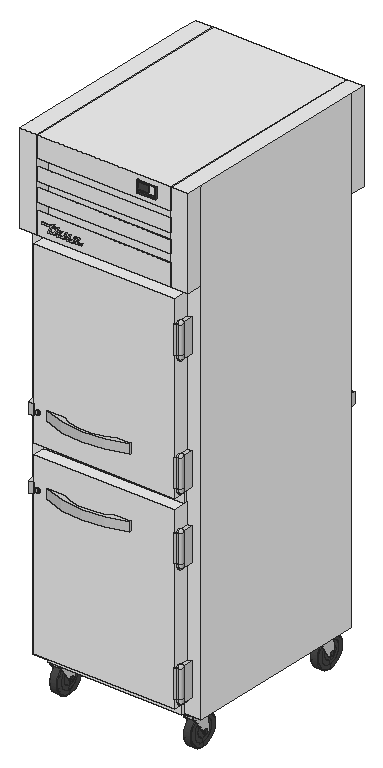
Revit family "QF_TRUE_STR1RPT-2HS-1S-HC", category Specialty Equipment, Revit 2012
Parameters
  Weight in Pounds = 0
  Watts = Volts * FL Amps  # 437 W
  Volts = 115 V
  URL Manufacturer = "www.truemfg.com"
  URL Cutsheet = "www.truemfg.com"
  URL = "www.truemfg.com"
  Type Comments = "www.truemfg.com"
  Status [instance] = ""
  Specification by User [instance] = ""
  Specification by Manufacturer = ""
  Show Seismic Flanged [instance] = no
  Show Logo [instance] = yes
  Show Legs [instance] = no
  Show Clearance [instance] = yes
  Serial Number = ""
  Seismic Rating = ""
  Seismic Plate [instance] = and(Show Seismic Flanged, not(Show Casters))  # no
  SMACNA No = ""
  Revision Code [instance] = ""
  Phase = 1
  Omniclass Number and Title = ""
  Number of Poles [instance] = 1
  NAFEM Spec ID Number = ""
  Model = "STR1RPT-2HS-1S-HC"
  Min Ckt Ampacity = 0 A
  Max Overcurrent Protection = 0 A
  Masterspec = ""
  Manufacturer = "TRUE FOOD SERVICE EQUIPMENT, INC."
  Length = 27 1/2"
  Legs [instance] = or(Show Legs, Show Seismic Flanged)  # no
  Item Number [instance] = ""
  Installed By [instance] = ""
  Identify Quantity as Lot [instance] = yes
  Height = 77 3/4"
  HP = "1/4"
  Furnished By [instance] = ""
  Foodservice Equipment Identifier [instance] = yes
  FL Amps = 3.8 A
  Electrical Remarks [instance] = ""
  Electric Connection Type [instance] = ""
  Elec Conn RI Height [instance] = 0"
  Elec Conn Connection Height [instance] = 0"
  Description = "PASS-THRU SOLID HALF FRONT/SOLID REAR SWING DOORS REFRIGERATOR WITH HYDROCARBON REFRIGERANT"
  Depth = 36 1/8"
  Cycle = 60 Hz
  Conn Plug = "5-15P"
  Conn Conduit = yes
  Show Casters [instance] = if(not(Show Legs), not(Show Seismic Flanged), not(Show Legs))  # yes
  CSI MasterFormat = ""
  CSI Master Format = ""
  Apparent Power = if(Phase = 3, Volts * FL Amps * 1.73, Volts * FL Amps)  # 437 VA
Reference planes (in)
  plane 1: z = 0
  plane 2 "LEFT": x = 0
  plane 3 "RIGHT": x = 27.5
  plane 4 "FRONT": y = -33.375
  plane 5 "TOP": z = 84.125
  plane 6: z = 6.125
  plane 7: y = -33.3292
  plane 8: y = 2.75
  plane 9: y = -56.40625
  plane 10: y = 25.78125
Forms (in)
  Extrusion 1, solid, material "QF_Finishes_Chrome - Satin"
    sketch origin (0.05, 0, 0) x (1, 0, 0) y (0, 1, 0)
      loop
        line (-0.05, 0) -> (-0.05, -30.625) -> (2.80938, -30.625) -> (2.80938, 0) -> (-0.05, 0)
    from 6.125 to 84.125
  Extrusion 2, solid, material "QF_Finishes_Chrome - Satin"
    sketch origin (50.15, 0, 0) x (1, 0, 0) y (0, 1, 0)
      loop
        line (-25.50937, 0) -> (-25.50937, -30.625) -> (-22.65, -30.625) -> (-22.65, 0) -> (-25.50937, 0)
    from 6.125 to 84.125
  Extrusion 3, solid, material "QF_Finishes_Chrome - Satin"
    sketch origin (0, 0, 0) x (0, 1, 0) y (0, 0, 1)
      loop
        line (-33.1875, 69.5) -> (-30.625, 69.5) -> (-30.625, 64.75) -> (0, 64.75) -> (0, 69.5) -> (2.5625, 69.5) -> (2.5625, 73.02638) -> (0.59159, 71.625) -> (0.59159, 72.90057) -> (2.5625, 74.30195) -> (2.5625, 76.39816) -> (0.59159, 74.99678) -> (0.59159, 75.95754) -> (2.5625, 77.35892) -> (2.5625, 79.49263) -> (0.59159, 78.09125) -> (0.59159, 79.21352) -> (2.5625, 80.6149) -> (2.5625, 84.125) -> (-33.1875, 84.125) -> (-33.1875, 80.68002) -> (-31.125, 79.21352) -> (-31.125, 78.09125) -> (-33.1875, 79.55776) -> (-33.1875, 77.42405) -> (-31.125, 75.95754) -> (-31.125, 74.99678) -> (-33.1875, 76.46328) -> (-33.1875, 74.36708) -> (-31.125, 72.90057) -> (-31.125, 71.625) -> (-33.1875, 73.09151) -> (-33.1875, 69.5)
      loop
        line (-31, 6.125) -> (0, 6.125) -> (0, 8.94743) -> (-31, 8.94743) -> (-31, 6.125)
    from 2.85938 to 24.64063
  Extrusion 4, solid, material "QF_Finishes_Chrome - Satin"
    sketch origin (0.10531, 0, 0) x (1, 0, 0) y (0, 1, 0)
      loop
        line (27.34782, -30.625) -> (24.53532, -30.625) -> (24.53532, -33.1875) -> (27.34782, -33.1875) -> (27.34782, -30.625)
    from 69.5 to 84.125
  Extrusion 5, solid, material "QF_Finishes_Chrome - Satin"
    sketch origin (-50.19421, 0, 0.25) x (1, 0, 0) y (0, 1, 0)
      loop
        line (53.05359, -30.625) -> (50.24109, -30.625) -> (50.24109, -33.1875) -> (53.05359, -33.1875) -> (53.05359, -30.625)
    from 69.25 to 83.875
  Extrusion 6, solid, material "QF_Finishes_Handrails and Railings", visible <- "Show Logo"
    sketch origin (0.33478, 1.45673, -6.73143) x (1, 0, 0) y (0, 0, 1)
      loop
        line (3.46044, 78.46231) -> (3.35478, 78.23573) -> (4.76027, 78.23573)
        arc (4.76027, 78.23573) -> (4.78879, 78.18528) -> (4.76027, 78.13484) r 0.05887
        line (4.76027, 78.13484) -> (4.39369, 77.34872)
        arc (4.39369, 77.34872) -> (4.39051, 77.27591) -> (4.43975, 77.22217) r 0.09523
        line (4.43975, 77.22217) -> (5.33844, 77.22217)
        arc (5.33844, 77.22217) -> (5.45192, 77.25795) -> (5.52436, 77.35235) r 0.19785
        line (5.52436, 77.35235) -> (5.81285, 77.97101) -> (6.0779, 77.97101)
        arc (6.0779, 77.97101) -> (6.14744, 77.94543) -> (6.13737, 77.87203) r 0.05911
        line (6.13737, 77.87203) -> (5.89598, 77.35437)
        arc (5.89598, 77.35437) -> (5.89974, 77.2684) -> (5.97231, 77.22217) r 0.09318
        line (5.97231, 77.22217) -> (6.76198, 77.22217)
        arc (6.76198, 77.22217) -> (6.82249, 77.24419) -> (6.85468, 77.29995) r 0.09412
        arc (6.85468, 77.29995) -> (6.87746, 77.24495) -> (6.93246, 77.22217) r 0.07778
        line (6.93246, 77.22217) -> (7.43246, 77.22217)
        arc (7.43246, 77.22217) -> (7.49022, 77.23765) -> (7.53251, 77.27993) r 0.11552
        arc (7.53251, 77.27993) -> (7.55275, 77.23106) -> (7.60162, 77.21081) r 0.06912
        line (7.60162, 77.21081) -> (8.31225, 77.21081)
        arc (8.31225, 77.21081) -> (8.37034, 77.23488) -> (8.39441, 77.29297) r 0.08216
        arc (8.39441, 77.29297) -> (8.44767, 77.23972) -> (8.52042, 77.22022) r 0.14551
        line (8.52042, 77.22022) -> (9.85158, 77.22022) -> (9.99946, 77.47634) -> (8.65678, 77.47634)
        arc (8.65678, 77.47634) -> (8.61972, 77.50204) -> (8.61834, 77.54711) r 0.05009
        line (8.61834, 77.54711) -> (8.64157, 77.59692)
        arc (8.64157, 77.59692) -> (8.67723, 77.64364) -> (8.73327, 77.66135) r 0.09747
        line (8.73327, 77.66135) -> (9.16485, 77.66135)
        arc (9.16485, 77.66135) -> (9.258, 77.68631) -> (9.32619, 77.7545) r 0.1863
        line (9.32619, 77.7545) -> (9.45119, 77.97101)
        arc (9.45119, 77.97101) -> (9.45119, 78.08657) -> (9.35111, 78.14434) r 0.11556
        line (9.35111, 78.14434) -> (8.89562, 78.14434)
        arc (8.89562, 78.14434) -> (8.7795, 78.12462) -> (8.69849, 78.03912) r 0.18605
        line (8.69849, 78.03912) -> (8.48204, 77.57493)
        arc (8.48204, 77.57493) -> (8.41815, 77.49167) -> (8.31806, 77.46011) r 0.1745
        line (8.31806, 77.46011) -> (7.84559, 77.46011)
        arc (7.84559, 77.46011) -> (7.78903, 77.52184) -> (7.79268, 77.60548) r 0.10939
        line (7.79268, 77.60548) -> (8.04395, 78.14434) -> (7.88403, 78.14434) -> (7.61781, 77.57344)
        arc (7.61781, 77.57344) -> (7.56609, 77.50603) -> (7.48505, 77.48048) r 0.14128
        line (7.48505, 77.48048) -> (7.15925, 77.48048)
        arc (7.15925, 77.48048) -> (7.10419, 77.55223) -> (7.116, 77.64189) r 0.11816
        line (7.116, 77.64189) -> (7.3503, 78.14434) -> (7.18514, 78.14434) -> (6.91546, 77.566)
        arc (6.91546, 77.566) -> (6.85285, 77.50339) -> (6.76733, 77.48048) r 0.17104
        line (6.76733, 77.48048) -> (6.29555, 77.48048)
        arc (6.29555, 77.48048) -> (6.21082, 77.51999) -> (6.20267, 77.61313) r 0.0935
        line (6.20267, 77.61313) -> (6.35774, 77.94569) -> (6.57695, 77.94569)
        arc (6.57695, 77.94569) -> (6.61395, 78.05717) -> (6.69267, 78.14434) r 0.2857
        line (6.69267, 78.14434) -> (5.83605, 78.14434)
        arc (5.83605, 78.14434) -> (5.74086, 78.12324) -> (5.67498, 78.05135) r 0.16212
        line (5.67498, 78.05135) -> (5.44279, 77.55341)
        arc (5.44279, 77.55341) -> (5.3894, 77.50002) -> (5.31647, 77.48048) r 0.14586
        line (5.31647, 77.48048) -> (4.80506, 77.48048)
        arc (4.80506, 77.48048) -> (4.76514, 77.53442) -> (4.77274, 77.60109) r 0.09155
        line (4.77274, 77.60109) -> (5.11018, 78.23573) -> (5.96155, 78.23573) -> (6.06721, 78.46231) -> (5.21584, 78.46231) -> (5.32149, 78.68888) -> (5.01862, 78.68888) -> (4.91297, 78.46231) -> (3.46044, 78.46231)
      loop
        arc (8.83805, 77.93863) -> (8.80119, 77.92875) -> (8.7742, 77.90176) r 0.07373
        line (8.7742, 77.90176) -> (8.75229, 77.83436)
        arc (8.75229, 77.83436) -> (8.76245, 77.80983) -> (8.78699, 77.79966) r 0.0347
        line (8.78699, 77.79966) -> (9.15948, 77.79966)
        arc (9.15948, 77.79966) -> (9.18632, 77.80561) -> (9.20812, 77.82234) r 0.0635
        line (9.20812, 77.82234) -> (9.22624, 77.90622)
        arc (9.22624, 77.90622) -> (9.22091, 77.92868) -> (9.20009, 77.93863) r 0.02676
        line (9.20009, 77.93863) -> (8.83805, 77.93863)
    from 34.64423 to 34.83173
  Extrusion 7, solid
    sketch origin (-25.125, 2.6875, 0) x (1, 0, 0) y (0, 0, 1)
      loop
        circle (49.375, 82) r 0.25
    from 0.23221 to 0.125
  Revolve 8, solid, material "QF_Finishes_Black", visible <- "Show Casters"
    sketch origin (22.65625, -27.375, 0) x (1, 0, 0) y (0, 0, 1)
      loop
        line (1.475, 5) -> (1.375, 4.9) -> (1.375, 4.29941) -> (1.53601, 4.29941) -> (1.53601, 3.54941) -> (1.375, 3.54941) -> (1.375, 2.79941) -> (0.975, 2.79941) -> (0.975, 2.5) -> (3.025, 2.5) -> (3.025, 2.79941) -> (2.62908, 2.79941) -> (2.62908, 3.54941) -> (2.46399, 3.54941) -> (2.46399, 4.29941) -> (2.62908, 4.29941) -> (2.62908, 4.89592) -> (2.525, 5) -> (1.475, 5)
      axis (3.025, 2.5) -> (0.975, 2.5)
    angle from 0 to 360
  Extrusion 9, solid, material "QF_Finishes_Handrails and Railings", visible <- "Show Casters"
    sketch origin (22.65625, 0, 0) x (0, 1, 0) y (0, 0, 1)
      loop
        line (-29.57636, 5.48574) -> (-29.57636, 4.88089) -> (-29.32636, 4.88089) -> (-27.57716, 2.18736)
        arc (-27.57716, 2.18736) -> (-26.86383, 1.94868) -> (-26.47081, 2.59003) r 0.60416
        line (-26.47081, 2.59003) -> (-26.82636, 5.48574) -> (-29.57636, 5.48574)
      loop
        line (-4.07645, 5.48574) -> (-4.07645, 4.88089) -> (-3.82645, 4.88089) -> (-2.07725, 2.18736)
        arc (-2.07725, 2.18736) -> (-1.36392, 1.94868) -> (-0.9709, 2.59003) r 0.60416
        line (-0.9709, 2.59003) -> (-1.32645, 5.48574) -> (-4.07645, 5.48574)
    from 1.175 to 1.325
  Extrusion 10, solid, material "QF_Finishes_Handrails and Railings", visible <- "Show Casters"
    sketch origin (24.15625, 0, 0) x (0, 1, 0) y (0, 0, 1)
      loop
        line (-29.57636, 5.48574) -> (-29.57636, 4.88089) -> (-29.32636, 4.88089) -> (-27.57716, 2.18736)
        arc (-27.57716, 2.18736) -> (-26.86383, 1.94868) -> (-26.47081, 2.59003) r 0.60416
        line (-26.47081, 2.59003) -> (-26.82636, 5.48574) -> (-29.57636, 5.48574)
      loop
        line (-4.07645, 5.48574) -> (-4.07645, 4.88089) -> (-3.82645, 4.88089) -> (-2.07725, 2.18736)
        arc (-2.07725, 2.18736) -> (-1.36392, 1.94868) -> (-0.9709, 2.59003) r 0.60416
        line (-0.9709, 2.59003) -> (-1.32645, 5.48574) -> (-4.07645, 5.48574)
    from 1.175 to 1.325
  Revolve 11, solid, material "QF_Finishes_Chrome - Satin", visible <- "Show Casters"
    sketch origin (22.65625, -28.5625, -0.5) x (1, 0, 0) y (0, 0, 1)
      loop
        line (2, 5.99546) -> (2, 6.62359) -> (0.70293, 6.62359) -> (0.70293, 5.99546) -> (2, 5.99546)
      axis (2, 5.99546) -> (2, 6.62359)
    angle from 0 to 360
  Revolve 12, solid, material "QF_Finishes_Chrome - Satin", visible <- "Legs"
    sketch origin (22.65625, -2.69102, 0) x (1, 0, 0) y (0, 0, 1)
      loop
        line (2, 6.125) -> (0.66662, 6.125) -> (1.25, 1) -> (1.5, 1) -> (1.5, 0) -> (2, 0) -> (2, 6.125)
      axis (2, 0) -> (2, 6.125)
    angle from 0 to 360
  Revolve 13, solid, material "QF_Finishes_Chrome - Satin", visible <- "Legs"
    sketch origin (22.65625, -28.65977, 0) x (1, 0, 0) y (0, 0, 1)
      loop
        line (2, 6.125) -> (0.66662, 6.125) -> (1.25, 1) -> (1.5, 1) -> (1.5, 0) -> (2, 0) -> (2, 6.125)
      axis (2, 0) -> (2, 6.125)
    angle from 0 to 360
  Revolve 14, solid, material "QF_Finishes_Chrome - Satin", visible <- "Show Casters"
    sketch origin (22.65625, -2.70321, -0.5) x (1, 0, 0) y (0, 0, 1)
      loop
        line (2, 5.99546) -> (2, 6.62359) -> (0.70293, 6.62359) -> (0.70293, 5.99546) -> (2, 5.99546)
      axis (2, 5.99546) -> (2, 6.62359)
    angle from 0 to 360
  Extrusion 15, solid, material "QF_Finishes_Handrails and Railings", visible <- "Show Casters"
    sketch origin (-25.125, 0, 0) x (0, 1, 0) y (0, 0, 1)
      loop
        line (-29.57636, 5.48574) -> (-29.57636, 4.88089) -> (-29.32636, 4.88089) -> (-26.79033, 5.19227) -> (-26.82636, 5.48574) -> (-29.57636, 5.48574)
      loop
        line (-4.07645, 5.48574) -> (-4.07645, 4.88089) -> (-3.82645, 4.88089) -> (-1.29042, 5.19227) -> (-1.32645, 5.48574) -> (-4.07645, 5.48574)
    from 49.10625 to 50.45625
  Revolve 16, solid, material "QF_Finishes_Black", visible <- "Show Casters"
    sketch origin (0.84375, -27.375, 0) x (1, 0, 0) y (0, 0, 1)
      loop
        line (1.475, 5) -> (1.375, 4.9) -> (1.375, 4.29941) -> (1.53601, 4.29941) -> (1.53601, 3.54941) -> (1.375, 3.54941) -> (1.375, 2.79941) -> (0.975, 2.79941) -> (0.975, 2.5) -> (3.025, 2.5) -> (3.025, 2.79941) -> (2.62908, 2.79941) -> (2.62908, 3.54941) -> (2.46399, 3.54941) -> (2.46399, 4.29941) -> (2.62908, 4.29941) -> (2.62908, 4.89592) -> (2.525, 5) -> (1.475, 5)
      axis (3.025, 2.5) -> (0.975, 2.5)
    angle from 0 to 360
  Extrusion 17, solid, material "QF_Finishes_Handrails and Railings", visible <- "Show Casters"
    sketch origin (0.84375, 0, 0) x (0, 1, 0) y (0, 0, 1)
      loop
        line (-29.57636, 5.48574) -> (-29.57636, 4.88089) -> (-29.32636, 4.88089) -> (-27.57716, 2.18736)
        arc (-27.57716, 2.18736) -> (-26.86383, 1.94868) -> (-26.47081, 2.59003) r 0.60416
        line (-26.47081, 2.59003) -> (-26.82636, 5.48574) -> (-29.57636, 5.48574)
      loop
        line (-4.07645, 5.48574) -> (-4.07645, 4.88089) -> (-3.82645, 4.88089) -> (-2.07725, 2.18736)
        arc (-2.07725, 2.18736) -> (-1.36392, 1.94868) -> (-0.9709, 2.59003) r 0.60416
        line (-0.9709, 2.59003) -> (-1.32645, 5.48574) -> (-4.07645, 5.48574)
    from 1.175 to 1.325
  Extrusion 18, solid, material "QF_Finishes_Handrails and Railings", visible <- "Show Casters"
    sketch origin (2.34375, 0, 0) x (0, 1, 0) y (0, 0, 1)
      loop
        line (-29.57636, 5.48574) -> (-29.57636, 4.88089) -> (-29.32636, 4.88089) -> (-27.57716, 2.18736)
        arc (-27.57716, 2.18736) -> (-26.86383, 1.94868) -> (-26.47081, 2.59003) r 0.60416
        line (-26.47081, 2.59003) -> (-26.82636, 5.48574) -> (-29.57636, 5.48574)
      loop
        line (-4.07645, 5.48574) -> (-4.07645, 4.88089) -> (-3.82645, 4.88089) -> (-2.07725, 2.18736)
        arc (-2.07725, 2.18736) -> (-1.36392, 1.94868) -> (-0.9709, 2.59003) r 0.60416
        line (-0.9709, 2.59003) -> (-1.32645, 5.48574) -> (-4.07645, 5.48574)
    from 1.175 to 1.325
  Revolve 19, solid, material "QF_Finishes_Chrome - Satin", visible <- "Show Casters"
    sketch origin (0.84375, -28.5625, -0.5) x (1, 0, 0) y (0, 0, 1)
      loop
        line (2, 5.99546) -> (2, 6.62359) -> (0.70293, 6.62359) -> (0.70293, 5.99546) -> (2, 5.99546)
      axis (2, 5.99546) -> (2, 6.62359)
    angle from 0 to 360
  Revolve 20, solid, material "QF_Finishes_Chrome - Satin", visible <- "Legs"
    sketch origin (0.84375, -2.69102, 0) x (1, 0, 0) y (0, 0, 1)
      loop
        line (2, 6.125) -> (0.66662, 6.125) -> (1.25, 1) -> (1.5, 1) -> (1.5, 0) -> (2, 0) -> (2, 6.125)
      axis (2, 0) -> (2, 6.125)
    angle from 0 to 360
  Revolve 21, solid, material "QF_Finishes_Chrome - Satin", visible <- "Legs"
    sketch origin (0.84375, -28.65977, 0) x (1, 0, 0) y (0, 0, 1)
      loop
        line (2, 6.125) -> (0.66662, 6.125) -> (1.25, 1) -> (1.5, 1) -> (1.5, 0) -> (2, 0) -> (2, 6.125)
      axis (2, 0) -> (2, 6.125)
    angle from 0 to 360
  Revolve 22, solid, material "QF_Finishes_Chrome - Satin", visible <- "Show Casters"
    sketch origin (0.84375, -2.70321, -0.5) x (1, 0, 0) y (0, 0, 1)
      loop
        line (2, 5.99546) -> (2, 6.62359) -> (0.70293, 6.62359) -> (0.70293, 5.99546) -> (2, 5.99546)
      axis (2, 5.99546) -> (2, 6.62359)
    angle from 0 to 360
  Extrusion 23, solid, material "QF_Finishes_Handrails and Railings", visible <- "Show Casters"
    sketch origin (-46.9375, 0, 0) x (0, 1, 0) y (0, 0, 1)
      loop
        line (-29.57636, 5.48574) -> (-29.57636, 4.88089) -> (-29.32636, 4.88089) -> (-26.79033, 5.19227) -> (-26.82636, 5.48574) -> (-29.57636, 5.48574)
      loop
        line (-4.07645, 5.48574) -> (-4.07645, 4.88089) -> (-3.82645, 4.88089) -> (-1.29042, 5.19227) -> (-1.32645, 5.48574) -> (-4.07645, 5.48574)
    from 49.10625 to 50.45625
  Extrusion 24, solid, material "QF_Finishes_Chrome - Satin"
    sketch origin (-25.125, -31.3292, -0.71875) x (1, 0, 0) y (0, 0, -1)
      loop
        line (27.40625, -68.6875) -> (50.34375, -68.6875) -> (50.34375, -8.75) -> (27.40625, -8.75) -> (27.40625, -68.6875)
    from 31.3292 to 33.8917
  Extrusion 25, solid, material "QF_Finishes_Chrome - Satin"
    sketch origin (0.10531, -31.3292, 0) x (1, 0, 0) y (0, 1, 0)
      loop
        line (27.34782, 31.3292) -> (27.34782, 33.8917) -> (24.53532, 33.8917) -> (24.53532, 31.3292) -> (27.34782, 31.3292)
    from 69.5 to 84.125
  Extrusion 26, solid, material "QF_Finishes_Chrome - Satin"
    sketch origin (-50.19421, -31.3292, 0.25) x (1, 0, 0) y (0, 1, 0)
      loop
        line (53.05359, 31.3292) -> (53.05359, 33.8917) -> (50.24109, 33.8917) -> (50.24109, 31.3292) -> (53.05359, 31.3292)
    from 69.25 to 83.875
  Extrusion 27, solid, material "QF_Finishes_Handrails and Railings"
    sketch origin (1.28125, -31.48479, 0) x (0, -1, 0) y (0, 0, -1)
      loop
        line (-31.48479, -64.55229) -> (-31.48479, -59.23627) -> (-33.625, -59.23627) -> (-33.625, -59.94848) -> (-33.18997, -59.94848) -> (-33.18997, -64.34776)
        arc (-33.18997, -64.34776) -> (-33.13006, -64.49238) -> (-32.98544, -64.55229) r 0.20453
        line (-32.98544, -64.55229) -> (-31.48479, -64.55229)
    from 0.17506 to 1
  Revolve 28, solid, material "QF_Finishes_Handrails and Railings"
    sketch origin (1.78125, -31.48479, 0) x (0, -1, 0) y (0, 0, -1)
      loop
        line (-33.64063, -60.00189) -> (-34.04729, -60.00189) -> (-34.04729, -64.4736)
        arc (-34.04729, -64.4736) -> (-33.91222, -64.72557) -> (-33.64063, -64.81483) r 0.3848
        line (-33.64063, -64.81483) -> (-33.64063, -60.00189)
      loop
        line (-33.64063, -59.94848) -> (-33.64063, -59.04781)
        arc (-33.64063, -59.04781) -> (-33.90764, -59.13383) -> (-34.04729, -59.37712) r 0.38884
        line (-34.04729, -59.37712) -> (-34.04729, -59.94848) -> (-33.64063, -59.94848)
      axis (-33.64063, -59.04781) -> (-33.64063, -64.81483)
    angle from 0 to 360
  Extrusion 29, solid, material "QF_Finishes_Handrails and Railings"
    sketch origin (-0.03125, -31.48479, 0) x (1, 0, 0) y (0, 0, -1)
      loop
        line (1.91491, -64.4736) -> (2.3125, -64.4736) -> (2.3125, -60.00079) -> (1.91491, -60.00079) -> (1.91491, -64.4736)
    from 33.18997 to 33.98479
  Extrusion 30, solid, material "QF_Finishes_Handrails and Railings"
    sketch origin (1.28125, -31.48479, -19.5) x (0, -1, 0) y (0, 0, -1)
      loop
        line (-31.48479, -64.55229) -> (-31.48479, -59.23627) -> (-33.625, -59.23627) -> (-33.625, -59.94848) -> (-33.18997, -59.94848) -> (-33.18997, -64.34776)
        arc (-33.18997, -64.34776) -> (-33.13006, -64.49238) -> (-32.98544, -64.55229) r 0.20453
        line (-32.98544, -64.55229) -> (-31.48479, -64.55229)
    from 0.17506 to 1
  Revolve 31, solid, material "QF_Finishes_Handrails and Railings"
    sketch origin (1.78125, -31.48479, -19.5) x (0, -1, 0) y (0, 0, -1)
      loop
        line (-33.64063, -60.00189) -> (-34.04729, -60.00189) -> (-34.04729, -64.4736)
        arc (-34.04729, -64.4736) -> (-33.91222, -64.72557) -> (-33.64063, -64.81483) r 0.3848
        line (-33.64063, -64.81483) -> (-33.64063, -60.00189)
      loop
        line (-33.64063, -59.94848) -> (-33.64063, -59.04781)
        arc (-33.64063, -59.04781) -> (-33.90764, -59.13383) -> (-34.04729, -59.37712) r 0.38884
        line (-34.04729, -59.37712) -> (-34.04729, -59.94848) -> (-33.64063, -59.94848)
      axis (-33.64063, -59.04781) -> (-33.64063, -64.81483)
    angle from 0 to 360
  Extrusion 32, solid, material "QF_Finishes_Handrails and Railings"
    sketch origin (-0.03125, -31.48479, -19.5) x (1, 0, 0) y (0, 0, -1)
      loop
        line (1.91491, -64.4736) -> (2.3125, -64.4736) -> (2.3125, -60.00079) -> (1.91491, -60.00079) -> (1.91491, -64.4736)
    from 33.18997 to 33.98479
  Extrusion 33, solid, material "QF_Finishes_Handrails and Railings"
    sketch origin (1.28125, -31.48479, -30.5) x (0, -1, 0) y (0, 0, -1)
      loop
        line (-31.48479, -64.55229) -> (-31.48479, -59.23627) -> (-33.625, -59.23627) -> (-33.625, -59.94848) -> (-33.18997, -59.94848) -> (-33.18997, -64.34776)
        arc (-33.18997, -64.34776) -> (-33.13006, -64.49238) -> (-32.98544, -64.55229) r 0.20453
        line (-32.98544, -64.55229) -> (-31.48479, -64.55229)
    from 0.17506 to 1
  Revolve 34, solid, material "QF_Finishes_Handrails and Railings"
    sketch origin (1.78125, -31.48479, -30.5) x (0, -1, 0) y (0, 0, -1)
      loop
        line (-33.64063, -60.00189) -> (-34.04729, -60.00189) -> (-34.04729, -64.4736)
        arc (-34.04729, -64.4736) -> (-33.91222, -64.72557) -> (-33.64063, -64.81483) r 0.3848
        line (-33.64063, -64.81483) -> (-33.64063, -60.00189)
      loop
        line (-33.64063, -59.94848) -> (-33.64063, -59.04781)
        arc (-33.64063, -59.04781) -> (-33.90764, -59.13383) -> (-34.04729, -59.37712) r 0.38884
        line (-34.04729, -59.37712) -> (-34.04729, -59.94848) -> (-33.64063, -59.94848)
      axis (-33.64063, -59.04781) -> (-33.64063, -64.81483)
    angle from 0 to 360
  Extrusion 35, solid, material "QF_Finishes_Handrails and Railings"
    sketch origin (-0.03125, -31.48479, -30.5) x (1, 0, 0) y (0, 0, -1)
      loop
        line (1.91491, -64.4736) -> (2.3125, -64.4736) -> (2.3125, -60.00079) -> (1.91491, -60.00079) -> (1.91491, -64.4736)
    from 33.18997 to 33.98479
  Extrusion 36, solid, material "QF_Finishes_Handrails and Railings"
    sketch origin (1.28125, -31.48479, -50.25) x (0, -1, 0) y (0, 0, -1)
      loop
        line (-31.48479, -64.55229) -> (-31.48479, -59.19743) -> (-33.625, -59.19743) -> (-33.625, -59.94848) -> (-33.18997, -59.94848) -> (-33.18997, -64.34776)
        arc (-33.18997, -64.34776) -> (-33.13006, -64.49238) -> (-32.98544, -64.55229) r 0.20453
        line (-32.98544, -64.55229) -> (-31.48479, -64.55229)
    from 0.17506 to 1
  Revolve 37, solid, material "QF_Finishes_Handrails and Railings"
    sketch origin (1.78125, -31.48479, -50.25) x (0, -1, 0) y (0, 0, -1)
      loop
        line (-33.64063, -60.00189) -> (-34.04729, -60.00189) -> (-34.04729, -64.4736)
        arc (-34.04729, -64.4736) -> (-33.91222, -64.72557) -> (-33.64063, -64.81483) r 0.3848
        line (-33.64063, -64.81483) -> (-33.64063, -60.00189)
      loop
        line (-33.64063, -59.94848) -> (-33.64063, -59.04781)
        arc (-33.64063, -59.04781) -> (-33.90764, -59.13383) -> (-34.04729, -59.37712) r 0.38884
        line (-34.04729, -59.37712) -> (-34.04729, -59.94848) -> (-33.64063, -59.94848)
      axis (-33.64063, -59.04781) -> (-33.64063, -64.81483)
    angle from 0 to 360
  Extrusion 38, solid, material "QF_Finishes_Handrails and Railings"
    sketch origin (-0.03125, -31.48479, -50.25) x (1, 0, 0) y (0, 0, -1)
      loop
        line (1.91491, -64.4736) -> (2.3125, -64.4736) -> (2.3125, -60.00079) -> (1.91491, -60.00079) -> (1.91491, -64.4736)
    from 33.18997 to 33.98479
  Extrusion 39, solid, material "QF_Finishes_Handrails and Railings"
    sketch origin (-31.15, -31.30033, 26.37017) x (-1, 0, 0) y (0, -1, 0)
      loop
        line (-54.15, -33.86283) -> (-54.15, -34.075)
        arc (-54.15, -34.075) -> (-47.2125, -35.51908) -> (-40.275, -34.075) r 17.38623
        line (-40.275, -34.075) -> (-40.275, -33.86283) -> (-42.6535, -33.86283)
        arc (-42.6535, -33.86283) -> (-47.2125, -35.06679) -> (-51.7715, -33.86283) r 9.2337
        line (-51.7715, -33.86283) -> (-54.15, -33.86283)
    from 10.87731 to 12.37731
  Extrusion 40, solid, material "QF_Finishes_Handrails and Railings"
    sketch origin (50.84375, -31.48479, -2.0625) x (-1, 0, 0) y (0, 0, 1)
      loop
        circle (26.4375, 40.0625) r 0.35
      loop
        line (26.47265, 40.33635) -> (26.41715, 40.33635) -> (26.41715, 39.76895) -> (26.47265, 39.76895) -> (26.47265, 40.33635)
    from 34.04729 to 34.10979
  Blend 41, solid, material "QF_Finishes_Handrails and Railings"
    base sketch origin (-0.03125, -31.48479, -0.0625) x (1, 0, 0) y (0, 0, -1)
      loop
        line (25.25, -38.99169) -> (26, -38.99169) -> (26, -37.24169) -> (25.25, -37.24169) -> (25.25, -38.99169)
    top sketch origin (-0.03125, -31.48479, -0.0625) x (1, 0, 0) y (0, 0, -1)
      loop
        line (26.18223, -36.6441) -> (25.25, -36.6441) -> (25.25, -39.42643) -> (26.18223, -39.42643) -> (26.18223, -36.6441)
    from 34.04729 to 31.48479
  Extrusion 42, solid, material "QF_Finishes_Chrome - Satin"
    sketch origin (-25.125, 0.375, -0.8125) x (1, 0, 0) y (0, 0, 1)
      loop
        line (27.40625, 68.78125) -> (27.40625, 39.65625) -> (50.34375, 39.65625) -> (50.34375, 68.78125) -> (27.40625, 68.78125)
      loop
        line (27.40625, 8.84375) -> (50.34375, 8.84375) -> (50.34375, 37.96875) -> (27.40625, 37.96875) -> (27.40625, 8.84375)
    from 31 to 33.5625
  Extrusion 43, solid, material "QF_Finishes_Handrails and Railings"
    sketch origin (26.21875, 0.10979, -0.09375) x (0, 1, 0) y (0, 0, -1)
      loop
        line (-30.73479, -64.55229) -> (-30.73479, -59.23627) -> (-32.875, -59.23627) -> (-32.875, -59.94848) -> (-32.43997, -59.94848) -> (-32.43997, -64.34776)
        arc (-32.43997, -64.34776) -> (-32.38006, -64.49238) -> (-32.23544, -64.55229) r 0.20453
        line (-32.23544, -64.55229) -> (-30.73479, -64.55229)
    from 0.17506 to 1
  Revolve 44, solid, material "QF_Finishes_Handrails and Railings"
    sketch origin (25.71875, 0.29729, -0.09375) x (0, 1, 0) y (0, 0, -1)
      loop
        line (-32.89063, -60.00189) -> (-33.29729, -60.00189) -> (-33.29729, -64.4736)
        arc (-33.29729, -64.4736) -> (-33.16222, -64.72557) -> (-32.89063, -64.81483) r 0.3848
        line (-32.89063, -64.81483) -> (-32.89063, -60.00189)
      loop
        line (-32.89063, -59.94848) -> (-32.89063, -59.04781)
        arc (-32.89063, -59.04781) -> (-33.15764, -59.13383) -> (-33.29729, -59.37712) r 0.38884
        line (-33.29729, -59.37712) -> (-33.29729, -59.94848) -> (-32.89063, -59.94848)
      axis (-32.89063, -59.04781) -> (-32.89063, -64.81483)
    angle from 0 to 360
  Extrusion 45, solid, material "QF_Finishes_Handrails and Railings"
    sketch origin (27.53125, 0.29729, -0.09375) x (-1, 0, 0) y (0, 0, -1)
      loop
        line (1.91491, -64.4736) -> (2.3125, -64.4736) -> (2.3125, -60.00079) -> (1.91491, -60.00079) -> (1.91491, -64.4736)
    from 32.81497 to 33.59495
  Extrusion 46, solid, material "QF_Finishes_Handrails and Railings"
    sketch origin (26.21875, 0.10979, -19.59375) x (0, 1, 0) y (0, 0, -1)
      loop
        line (-30.73479, -64.55229) -> (-30.73479, -59.23627) -> (-32.875, -59.23627) -> (-32.875, -59.94848) -> (-32.43997, -59.94848) -> (-32.43997, -64.34776)
        arc (-32.43997, -64.34776) -> (-32.38006, -64.49238) -> (-32.23544, -64.55229) r 0.20453
        line (-32.23544, -64.55229) -> (-30.73479, -64.55229)
    from 0.17506 to 1
  Revolve 47, solid, material "QF_Finishes_Handrails and Railings"
    sketch origin (25.71875, 0.29729, -19.59375) x (0, 1, 0) y (0, 0, -1)
      loop
        line (-32.89063, -60.00189) -> (-33.29729, -60.00189) -> (-33.29729, -64.4736)
        arc (-33.29729, -64.4736) -> (-33.16222, -64.72557) -> (-32.89063, -64.81483) r 0.3848
        line (-32.89063, -64.81483) -> (-32.89063, -60.00189)
      loop
        line (-32.89063, -59.94848) -> (-32.89063, -59.04781)
        arc (-32.89063, -59.04781) -> (-33.15764, -59.13383) -> (-33.29729, -59.37712) r 0.38884
        line (-33.29729, -59.37712) -> (-33.29729, -59.94848) -> (-32.89063, -59.94848)
      axis (-32.89063, -59.04781) -> (-32.89063, -64.81483)
    angle from 0 to 360
  Extrusion 48, solid, material "QF_Finishes_Handrails and Railings"
    sketch origin (27.53125, 0.29729, -19.59375) x (-1, 0, 0) y (0, 0, -1)
      loop
        line (1.91491, -64.4736) -> (2.3125, -64.4736) -> (2.3125, -60.00079) -> (1.91491, -60.00079) -> (1.91491, -64.4736)
    from 32.81497 to 33.59495
  Extrusion 49, solid, material "QF_Finishes_Handrails and Railings"
    sketch origin (26.21875, 0.10979, -30.59375) x (0, 1, 0) y (0, 0, -1)
      loop
        line (-30.73479, -64.55229) -> (-30.73479, -59.23627) -> (-32.875, -59.23627) -> (-32.875, -59.94848) -> (-32.43997, -59.94848) -> (-32.43997, -64.34776)
        arc (-32.43997, -64.34776) -> (-32.38006, -64.49238) -> (-32.23544, -64.55229) r 0.20453
        line (-32.23544, -64.55229) -> (-30.73479, -64.55229)
    from 0.17506 to 1
  Revolve 50, solid, material "QF_Finishes_Handrails and Railings"
    sketch origin (25.71875, 0.29729, -30.59375) x (0, 1, 0) y (0, 0, -1)
      loop
        line (-32.89063, -60.00189) -> (-33.29729, -60.00189) -> (-33.29729, -64.4736)
        arc (-33.29729, -64.4736) -> (-33.16222, -64.72557) -> (-32.89063, -64.81483) r 0.3848
        line (-32.89063, -64.81483) -> (-32.89063, -60.00189)
      loop
        line (-32.89063, -59.94848) -> (-32.89063, -59.04781)
        arc (-32.89063, -59.04781) -> (-33.15764, -59.13383) -> (-33.29729, -59.37712) r 0.38884
        line (-33.29729, -59.37712) -> (-33.29729, -59.94848) -> (-32.89063, -59.94848)
      axis (-32.89063, -59.04781) -> (-32.89063, -64.81483)
    angle from 0 to 360
  Extrusion 51, solid, material "QF_Finishes_Handrails and Railings"
    sketch origin (27.53125, 0.29729, -30.59375) x (-1, 0, 0) y (0, 0, -1)
      loop
        line (1.91491, -64.4736) -> (2.3125, -64.4736) -> (2.3125, -60.00079) -> (1.91491, -60.00079) -> (1.91491, -64.4736)
    from 32.81497 to 33.59495
  Extrusion 52, solid, material "QF_Finishes_Handrails and Railings"
    sketch origin (26.21875, 0.10979, -50.34375) x (0, 1, 0) y (0, 0, -1)
      loop
        line (-30.73479, -64.55229) -> (-30.73479, -59.23627) -> (-32.875, -59.23627) -> (-32.875, -59.94848) -> (-32.43997, -59.94848) -> (-32.43997, -64.34776)
        arc (-32.43997, -64.34776) -> (-32.38006, -64.49238) -> (-32.23544, -64.55229) r 0.20453
        line (-32.23544, -64.55229) -> (-30.73479, -64.55229)
    from 0.17506 to 1
  Revolve 53, solid, material "QF_Finishes_Handrails and Railings"
    sketch origin (25.71875, 0.29729, -50.34375) x (0, 1, 0) y (0, 0, -1)
      loop
        line (-32.89063, -60.00189) -> (-33.29729, -60.00189) -> (-33.29729, -64.4736)
        arc (-33.29729, -64.4736) -> (-33.16222, -64.72557) -> (-32.89063, -64.81483) r 0.3848
        line (-32.89063, -64.81483) -> (-32.89063, -60.00189)
      loop
        line (-32.89063, -59.94848) -> (-32.89063, -59.04781)
        arc (-32.89063, -59.04781) -> (-33.15764, -59.13383) -> (-33.29729, -59.37712) r 0.38884
        line (-33.29729, -59.37712) -> (-33.29729, -59.94848) -> (-32.89063, -59.94848)
      axis (-32.89063, -59.04781) -> (-32.89063, -64.81483)
    angle from 0 to 360
  Extrusion 54, solid, material "QF_Finishes_Handrails and Railings"
    sketch origin (27.53125, 0.29729, -50.34375) x (-1, 0, 0) y (0, 0, -1)
      loop
        line (1.91491, -64.4736) -> (2.3125, -64.4736) -> (2.3125, -60.00079) -> (1.91491, -60.00079) -> (1.91491, -64.4736)
    from 32.81497 to 33.59495
  Extrusion 55, solid, material "QF_Finishes_Handrails and Railings"
    sketch origin (-23.34375, 0.29729, 72.375) x (1, 0, 0) y (0, 0, 1)
      loop
        circle (26.4375, -40.0625) r 0.35
      loop
        line (26.47265, -40.33635) -> (26.47265, -39.76895) -> (26.41715, -39.76895) -> (26.41715, -40.33635) -> (26.47265, -40.33635)
    from 33.67229 to 33.73479
  Blend 56, solid, material "QF_Finishes_Handrails and Railings"
    base sketch origin (27.53125, 0.48479, 70.375) x (-1, 0, 0) y (0, 0, -1)
      loop
        line (25.25, 38.99169) -> (25.25, 37.24169) -> (26, 37.24169) -> (26, 38.99169) -> (25.25, 38.99169)
    top sketch origin (27.53125, 0.48479, 70.375) x (-1, 0, 0) y (0, 0, -1)
      loop
        line (26.18223, 36.6441) -> (26.18223, 39.42643) -> (25.25, 39.42643) -> (25.25, 36.6441) -> (26.18223, 36.6441)
    from 33.67229 to 31.10979
  Extrusion 57, solid, material "QF_Finishes_Handrails and Railings"
    sketch origin (58.4375, -0.0747, 20.68519) x (1, 0, 0) y (0, 1, 0)
      loop
        line (-53.875, -33.1128) -> (-53.875, -33.325)
        arc (-53.875, -33.325) -> (-47.075, -34.76905) -> (-40.275, -33.325) r 16.7325
        line (-40.275, -33.325) -> (-40.275, -33.1128) -> (-42.65351, -33.1128)
        arc (-42.65351, -33.1128) -> (-47.075, -34.28316) -> (-51.49649, -33.1128) r 8.93715
        line (-51.49649, -33.1128) -> (-53.875, -33.1128)
    from 10.87731 to 12.37731
  Extrusion 58, solid, material "QF_Finishes_Chrome - Satin"
    sketch origin (0, 0.1875, -0.46875) x (1, 0, 0) y (0, 0, 1)
      loop
        line (2.28125, 39.3125) -> (2.28125, 37.625) -> (25.21875, 37.625) -> (25.21875, 39.3125) -> (2.28125, 39.3125)
    from 31 to 31.25
  Extrusion 59, solid, material "QF_Finishes_White"
    sketch origin (-23.16691, 1.43876, 1.58022) x (1, 0, 0) y (0, 0, 1)
      loop
        line (42.50482, 81.73227) -> (42.50482, 79.98496) -> (45.41107, 79.98496) -> (45.41107, 81.73227) -> (42.50482, 81.73227)
    from 34.62626 to 34.72001
  Extrusion 60, solid, material "QF_Finishes_Black"
    sketch origin (-23.16691, 1.43876, 1.58022) x (1, 0, 0) y (0, 0, 1)
      loop
        line (45.47357, 81.79477) -> (42.44232, 81.79477) -> (42.44232, 79.92246) -> (45.47357, 79.92246) -> (45.47357, 81.79477)
      loop
        spline (42.64232, 80.25372) -> (42.65083, 80.23754) -> (42.67581, 80.22247) -> (42.71554, 80.20952) -> (42.76732, 80.19959) -> (42.82761, 80.19335) -> (42.89232, 80.19122) -> (42.95702, 80.19335) -> (43.01732, 80.19959) -> (43.06909, 80.20952) -> (43.10882, 80.22247) -> (43.1338, 80.23754) -> (43.14232, 80.25372)
        spline (43.14232, 80.25372) -> (43.1338, 80.26989) -> (43.10882, 80.28497) -> (43.06909, 80.29791) -> (43.01732, 80.30784) -> (42.95702, 80.31409) -> (42.89232, 80.31622) -> (42.82761, 80.31409) -> (42.76732, 80.30784) -> (42.71554, 80.29791) -> (42.67581, 80.28497) -> (42.65083, 80.26989) -> (42.64232, 80.25372)
      loop
        spline (43.33833, 80.25372) -> (43.34685, 80.23754) -> (43.37182, 80.22247) -> (43.41155, 80.20952) -> (43.46333, 80.19959) -> (43.52362, 80.19335) -> (43.58833, 80.19122) -> (43.65303, 80.19335) -> (43.71333, 80.19959) -> (43.76511, 80.20952) -> (43.80484, 80.22247) -> (43.82981, 80.23754) -> (43.83833, 80.25372)
        spline (43.83833, 80.25372) -> (43.82981, 80.26989) -> (43.80484, 80.28497) -> (43.76511, 80.29791) -> (43.71333, 80.30784) -> (43.65303, 80.31409) -> (43.58833, 80.31622) -> (43.52362, 80.31409) -> (43.46333, 80.30784) -> (43.41155, 80.29791) -> (43.37182, 80.28497) -> (43.34685, 80.26989) -> (43.33833, 80.25372)
      loop
        spline (44.08833, 80.25372) -> (44.09685, 80.23754) -> (44.12182, 80.22247) -> (44.16155, 80.20952) -> (44.21333, 80.19959) -> (44.27362, 80.19335) -> (44.33833, 80.19122) -> (44.40303, 80.19335) -> (44.46333, 80.19959) -> (44.51511, 80.20952) -> (44.55484, 80.22247) -> (44.57981, 80.23754) -> (44.58833, 80.25372)
        spline (44.58833, 80.25372) -> (44.57981, 80.26989) -> (44.55484, 80.28497) -> (44.51511, 80.29791) -> (44.46333, 80.30784) -> (44.40303, 80.31409) -> (44.33833, 80.31622) -> (44.27362, 80.31409) -> (44.21333, 80.30784) -> (44.16155, 80.29791) -> (44.12182, 80.28497) -> (44.09685, 80.26989) -> (44.08833, 80.25372)
      loop
        line (42.64231, 81.59478) -> (42.64231, 80.59478) -> (44.34183, 80.59478) -> (44.34183, 81.59478) -> (42.64231, 81.59478)
      loop
        line (45.41107, 81.73227) -> (42.50482, 81.73227) -> (42.50482, 79.98496) -> (45.41107, 79.98496) -> (45.41107, 81.73227)
      loop
        spline (44.83833, 80.25372) -> (44.84685, 80.23754) -> (44.87182, 80.22247) -> (44.91155, 80.20952) -> (44.96333, 80.19959) -> (45.02362, 80.19335) -> (45.08833, 80.19122) -> (45.15303, 80.19335) -> (45.21333, 80.19959) -> (45.26511, 80.20952) -> (45.30484, 80.22247) -> (45.32981, 80.23754) -> (45.33833, 80.25372)
        spline (45.33833, 80.25372) -> (45.32981, 80.26989) -> (45.30484, 80.28497) -> (45.26511, 80.29791) -> (45.21333, 80.30784) -> (45.15303, 80.31409) -> (45.08833, 80.31622) -> (45.02362, 80.31409) -> (44.96333, 80.30784) -> (44.91155, 80.29791) -> (44.87182, 80.28497) -> (44.84685, 80.26989) -> (44.83833, 80.25372)
    from 34.62626 to 34.81376
  Extrusion 61, solid, material "QF_Finishes_Handrails and Railings"
    sketch origin (-23.34375, 0.29729, 3.625) x (1, 0, 0) y (0, 0, 1)
      loop
        circle (26.4375, 40.0625) r 0.35
      loop
        line (26.47265, 40.33635) -> (26.41715, 40.33635) -> (26.41715, 39.76895) -> (26.47265, 39.76895) -> (26.47265, 40.33635)
    from 33.67229 to 33.73479
  Blend 62, solid, material "QF_Finishes_Handrails and Railings"
    base sketch origin (27.53125, 0.48479, 5.625) x (-1, 0, 0) y (0, 0, -1)
      loop
        line (25.25, -38.99169) -> (26, -38.99169) -> (26, -37.24169) -> (25.25, -37.24169) -> (25.25, -38.99169)
    top sketch origin (27.53125, 0.48479, 5.625) x (-1, 0, 0) y (0, 0, -1)
      loop
        line (26.18223, -36.6441) -> (25.25, -36.6441) -> (25.25, -39.42643) -> (26.18223, -39.42643) -> (26.18223, -36.6441)
    from 33.67229 to 31.10979
  Extrusion 63, solid, material "QF_Finishes_Handrails and Railings"
    sketch origin (58.4375, -0.0747, 32.06019) x (1, 0, 0) y (0, 1, 0)
      loop
        line (-53.875, -33.1128) -> (-53.875, -33.325)
        arc (-53.875, -33.325) -> (-47.075, -34.76905) -> (-40.275, -33.325) r 16.7325
        line (-40.275, -33.325) -> (-40.275, -33.1128) -> (-42.65351, -33.1128)
        arc (-42.65351, -33.1128) -> (-47.075, -34.28316) -> (-51.49649, -33.1128) r 8.93715
        line (-51.49649, -33.1128) -> (-53.875, -33.1128)
    from 10.87731 to 12.37731
  Revolve 64, solid, material "QF_Finishes_Black", visible <- "Show Casters"
    sketch origin (22.65625, -1.50009, 0) x (1, 0, 0) y (0, 0, 1)
      loop
        line (1.475, 5) -> (1.375, 4.9) -> (1.375, 4.29941) -> (1.53601, 4.29941) -> (1.53601, 3.54941) -> (1.375, 3.54941) -> (1.375, 2.79941) -> (0.975, 2.79941) -> (0.975, 2.5) -> (3.025, 2.5) -> (3.025, 2.79941) -> (2.62908, 2.79941) -> (2.62908, 3.54941) -> (2.46399, 3.54941) -> (2.46399, 4.29941) -> (2.62908, 4.29941) -> (2.62908, 4.89592) -> (2.525, 5) -> (1.475, 5)
      axis (3.025, 2.5) -> (0.975, 2.5)
    angle from 0 to 360
  Revolve 65, solid, material "QF_Finishes_Black", visible <- "Show Casters"
    sketch origin (0.84375, -1.50009, 0) x (1, 0, 0) y (0, 0, 1)
      loop
        line (1.475, 5) -> (1.375, 4.9) -> (1.375, 4.29941) -> (1.53601, 4.29941) -> (1.53601, 3.54941) -> (1.375, 3.54941) -> (1.375, 2.79941) -> (0.975, 2.79941) -> (0.975, 2.5) -> (3.025, 2.5) -> (3.025, 2.79941) -> (2.62908, 2.79941) -> (2.62908, 3.54941) -> (2.46399, 3.54941) -> (2.46399, 4.29941) -> (2.62908, 4.29941) -> (2.62908, 4.89592) -> (2.525, 5) -> (1.475, 5)
      axis (3.025, 2.5) -> (0.975, 2.5)
    angle from 0 to 360
  Extrusion 66, solid, material "QF_Door-Drawer Clearances", visible <- "Show Clearance", detail levels coarse
    sketch origin (-24.30341, -3.4223, 0) x (-1, 0, 0) y (0, -1, 0)
      loop
        line (-49.52216, 29.7652) -> (-26.58466, 29.7652)
        arc (-26.58466, 29.7652) -> (-33.31626, 46.05434) -> (-49.52216, 52.98395) r 23.32602
        line (-49.52216, 52.98395) -> (-49.52216, 29.7652)
    from 38.84375 to 67.96875
  Extrusion 67, solid, material "QF_Door-Drawer Clearances", visible <- "Show Clearance", detail levels coarse
    sketch origin (51.80341, -27.5777, 0) x (1, 0, 0) y (0, 1, 0)
      loop
        line (-49.52216, 30.1402) -> (-26.58466, 30.1402)
        arc (-26.58466, 30.1402) -> (-33.31626, 46.42934) -> (-49.52216, 53.35895) r 23.32602
        line (-49.52216, 53.35895) -> (-49.52216, 30.1402)
    from 8.03125 to 67.96875
  Extrusion 68, solid, material "QF_Door-Drawer Clearances", visible <- "Show Clearance", detail levels coarse
    sketch origin (-24.30341, -3.4223, -30.8125) x (-1, 0, 0) y (0, -1, 0)
      loop
        line (-49.52216, 29.7652) -> (-26.58466, 29.7652)
        arc (-26.58466, 29.7652) -> (-33.31626, 46.05434) -> (-49.52216, 52.98395) r 23.32602
        line (-49.52216, 52.98395) -> (-49.52216, 29.7652)
    from 38.84375 to 67.96875
  Extrusion 69, solid, material "QF_Finishes_Stainless Steel", visible <- "Seismic Plate"
    sketch origin (33.06916, -27.11613, 0) x (-1, 0, 0) y (0, -1, 0)
      loop
        circle (30.22541, -24.4251) r 1.5
    from 0 to 0.3125
  Extrusion 70, solid, material "QF_Finishes_Stainless Steel", visible <- "Seismic Plate"
    sketch origin (33.06916, -53.08488, 0) x (-1, 0, 0) y (0, -1, 0)
      loop
        circle (30.22541, -24.4251) r 1.5
    from 0 to 0.3125
  Extrusion 71, solid, material "QF_Finishes_Stainless Steel", visible <- "Seismic Plate"
    sketch origin (54.88166, -27.11613, 0) x (-1, 0, 0) y (0, -1, 0)
      loop
        circle (30.22541, -24.4251) r 1.5
    from 0 to 0.3125
  Extrusion 72, solid, material "QF_Finishes_Stainless Steel", visible <- "Seismic Plate"
    sketch origin (54.88166, -53.08488, 0) x (-1, 0, 0) y (0, -1, 0)
      loop
        circle (30.22541, -24.4251) r 1.5
    from 0 to 0.3125
Cuts and joins
  joined: Extrusion 1, Extrusion 2, Extrusion 4, Extrusion 5, Extrusion 25, Extrusion 26
Lines and regions (in)
  symbolic lines
    curve 1: line (0, 0, 0) -> (27.5, 0, 0)
    curve 2: line (0, -33.1875, 0) -> (0, 2.5625, 0)
    curve 3: line (27.5, -33.1875, 0) -> (0, -33.1875, 0)
    curve 4: line (27.5, 2.5625, 0) -> (27.5, -33.1875, 0)
    curve 5: line (27.5, -30.625, 0) -> (0, -30.625, 0)
    curve 22: line (0, 2.5625, 0) -> (27.5, 2.5625, 0)
    curve 23: line (3.68957, -33.1875, 0) -> (3.68957, -33.375, 0)
    curve 24: line (3.68957, -33.375, 0) -> (10.33424, -33.375, 0)
    curve 25: line (10.33424, -33.375, 0) -> (10.33424, -33.1875, 0)
    curve 26: line (19.2754, -33.1875, 0) -> (19.2754, -33.375, 0)
    curve 27: line (19.2754, -33.375, 0) -> (22.30665, -33.375, 0)
    curve 28: line (22.30665, -33.375, 0) -> (22.30665, -33.1875, 0)
    curve 29: arc (18.1625, -33.3997, 0) -> (11.33224, -34.84372, 0) -> (4.50725, -33.375, 0) r 16.7325
    curve 30: arc (15.78399, -33.1875, 0) -> (11.59664, -34.35576, 0) -> (7.36146, -33.375, 0) r 8.79189
    curve 31: line (18.1625, -33.3997, 0) -> (18.1625, -33.1875, 0)
    curve 32: line (23.81043, 2.5625, 0) -> (23.81043, 2.75, 0)
    curve 33: line (23.81043, 2.75, 0) -> (17.16576, 2.75, 0)
    curve 34: line (17.16576, 2.75, 0) -> (17.16576, 2.5625, 0)
    curve 39: arc (23.05641, 2.75, 0) -> (16.09329, 4.21872, 0) -> (9.125, 2.77467, 0) r 17.38623
    curve 40: line (9.125, 2.77467, 0) -> (9.125, 2.5625, 0)
    curve 41: arc (11.5035, 2.5625, 0) -> (15.86515, 3.76435, 0) -> (20.27417, 2.75, 0) r 9.2337
  symbolic lines, style "SpecialityEquipmentHiddenLines", visible <- "Show Casters"
    curve 6: line (3.70097, -24.2623, 0) -> (4.78688, -24.88925, 0)
    curve 7: line (1.20097, -28.59243, 0) -> (3.70097, -24.2623, 0)
    curve 8: line (2.28688, -29.21938, 0) -> (1.20097, -28.59243, 0)
    curve 9: line (4.78688, -24.88925, 0) -> (2.28688, -29.21938, 0)
    curve 10: line (3.70097, -0.2623, 0) -> (4.78688, -0.88926, 0)
    curve 11: line (1.20097, -4.59243, 0) -> (3.70097, -0.2623, 0)
    curve 12: line (2.28688, -5.21938, 0) -> (1.20097, -4.59243, 0)
    curve 13: line (4.78688, -0.88926, 0) -> (2.28688, -5.21938, 0)
    curve 14: line (24.60843, -0.2623, 0) -> (25.69435, -0.88926, 0)
    curve 15: line (22.10843, -4.59243, 0) -> (24.60843, -0.2623, 0)
    curve 16: line (23.19435, -5.21938, 0) -> (22.10843, -4.59243, 0)
    curve 17: line (25.69435, -0.88926, 0) -> (23.19435, -5.21938, 0)
    curve 18: line (24.82156, -24.48943, 0) -> (25.90747, -25.11638, 0)
    curve 19: line (22.32156, -28.81955, 0) -> (24.82156, -24.48943, 0)
    curve 20: line (23.40747, -29.44651, 0) -> (22.32156, -28.81955, 0)
    curve 21: line (25.90747, -25.11638, 0) -> (23.40747, -29.44651, 0)
  symbolic lines, style "QF_Door-Drawer Clearances"
    curve 35: line (25.21875, -33.1875, 0) -> (5.35429, -44.65625, 0)
    curve 36: arc (5.35429, -44.65625, 0) -> (3.06283, -39.12416, 0) -> (2.28125, -33.1875, 0) r 22.9375
    curve 37: line (2.28125, 2.5625, 0) -> (22.14571, 14.03125, 0)
    curve 38: arc (22.14571, 14.03125, 0) -> (24.43717, 8.49916, 0) -> (25.21875, 2.5625, 0) r 22.9375
Dimensions and locks (in)
  plane 6 to level = 6 1/8"
  plane 5 "TOP" to level = 84 1/8"
  plane 5 "TOP" to plane 6 = 78"
  "Length": plane 2 "LEFT" to plane 3 "RIGHT"
  "Depth": plane 4 "FRONT" to plane 8
  plane 3 "RIGHT" to plane 2 "LEFT" = 27 1/2"
  cut or joined group of Extrusion 1, Extrusion 2, Extrusion 4, Extrusion 5, Extrusion 25, Extrusion 26 to cut or joined group of Extrusion 1, Extrusion 2, Extrusion 4, Extrusion 5, Extrusion 25, Extrusion 26 = 2 13/16"  (x2)
  Extrusion 42 to plane 2 "LEFT" = 2 9/32"
  plane 3 "RIGHT" to Extrusion 42 = 2 9/32"
  Extrusion 42 to plane 6 = 1 29/32"
  Extrusion 3 to Extrusion 42 to Extrusion 42 to Extrusion 42 to Extrusion 42 = 1 17/32", 29 1/8", 1 11/16", 29 1/8"
  Extrusion 42 to Extrusion 42 = 22 15/16"
  cut or joined group of Extrusion 1, Extrusion 2, Extrusion 4, Extrusion 5, Extrusion 25, Extrusion 26 to cut or joined group of Extrusion 1, Extrusion 2, Extrusion 4, Extrusion 5, Extrusion 25, Extrusion 26 = 27 13/32"
  Extrusion 42 to Extrusion 57 = 4 3/32"
  Extrusion 63 to Extrusion 42 = 4 3/32"
  plane 4 "FRONT" to plane 8 = 36 1/8"  (x2)
  cut or joined group of Extrusion 1, Extrusion 2, Extrusion 4, Extrusion 5, Extrusion 25, Extrusion 26 to cut or joined group of Extrusion 1, Extrusion 2, Extrusion 4, Extrusion 5, Extrusion 25, Extrusion 26 = 30 5/8"  (x2)
  Extrusion 63 to Extrusion 59 to plane 4 "FRONT" = 3/32", 3/32"
  plane 8 to plane 4 "FRONT" = 36 1/8"
  plane 9 to plane 4 "FRONT" = 23 1/32"
  plane 10 to plane 9 = 82 3/16"
  aligned and locked: level to plane 1
  aligned and locked: Extrusion 3 to cut or joined group of Extrusion 1, Extrusion 2, Extrusion 4, Extrusion 5, Extrusion 25, Extrusion 26
Automatic sketch dimensions
  Extrusion 1 sketch curve to plane 2 "LEFT" = 0"
  Extrusion 3 sketch curve to plane 5 "TOP" = 0"
  Extrusion 3 sketch curve to Extrusion 3 sketch curve = 3.44498"
  Extrusion 3 sketch curve to Extrusion 3 sketch curve = 3.5101"
  Extrusion 3 sketch curve to Extrusion 3 sketch curve = 1.12227"  (x4)
  Extrusion 3 sketch curve to Extrusion 3 sketch curve = 0.27911"
  Extrusion 3 sketch curve to Extrusion 3 sketch curve = 0.34424"
  Extrusion 3 sketch curve to Extrusion 3 sketch curve = 2.13371"
  Extrusion 3 sketch curve to Extrusion 3 sketch curve = 0.73233"
  Extrusion 3 sketch curve to Extrusion 3 sketch curve = 0.96076"  (x4)
  Extrusion 3 sketch curve to Extrusion 3 sketch curve = 0.50575"
  Extrusion 3 sketch curve to Extrusion 3 sketch curve = 0.44062"
  Extrusion 3 sketch curve to Extrusion 3 sketch curve = 2.0962"
  Extrusion 3 sketch curve to Extrusion 3 sketch curve = 0.69482"
  Extrusion 3 sketch curve to Extrusion 3 sketch curve = 1.27557"  (x4)
  Extrusion 3 sketch curve to Extrusion 3 sketch curve = 0.12581"
  Extrusion 3 sketch curve to Extrusion 3 sketch curve = 0.19093"
  Extrusion 3 sketch curve to Extrusion 3 sketch curve = 2 1/8"  (x2)
  Extrusion 3 sketch curve to Extrusion 3 sketch curve = 4 3/4"
  plane 6 to Extrusion 3 sketch curve = 2.82243"
  Extrusion 3 sketch curve to plane 6 = 0"
  plane 2 "LEFT" to Extrusion 5 sketch curve = 3/64"
  Extrusion 6 sketch curve to Extrusion 6 sketch curve = 0.10565"  (x5)
  Extrusion 6 sketch curve to Extrusion 6 sketch curve = 1.03891"
  Extrusion 6 sketch curve to Extrusion 6 sketch curve = 0.04606"
  Extrusion 6 sketch curve to Extrusion 6 sketch curve = 0.04025"
  Extrusion 6 sketch curve to Extrusion 6 sketch curve = 0.33624"
  Extrusion 6 sketch curve to Extrusion 6 sketch curve = 0.03034"  (x2)
  Extrusion 6 sketch curve to Extrusion 6 sketch curve = 0.29274"
  Extrusion 6 sketch curve to Extrusion 6 sketch curve = 0.03232"
  Extrusion 6 sketch curve to Extrusion 6 sketch curve = 0.08083"
  Extrusion 6 sketch curve to Extrusion 6 sketch curve = 0.1527"
  Extrusion 6 sketch curve to Extrusion 6 sketch curve = 0.19721"
  Extrusion 6 sketch curve to Extrusion 6 sketch curve = 0.4629"
  Extrusion 6 sketch curve to Extrusion 6 sketch curve = 0.02197"
  Extrusion 6 sketch curve to Extrusion 6 sketch curve = 0.12632"
  Extrusion 6 sketch curve to Extrusion 6 sketch curve = 0.18591"
  Extrusion 6 sketch curve to Extrusion 6 sketch curve = 0.2322"
  Extrusion 6 sketch curve to Extrusion 6 sketch curve = 0.13786"
  Extrusion 6 sketch curve to Extrusion 6 sketch curve = 0.00907"
  Extrusion 6 sketch curve to Extrusion 6 sketch curve = 0.01413"
  Extrusion 6 sketch curve to Extrusion 6 sketch curve = 0.37162"
  Extrusion 6 sketch curve to Extrusion 6 sketch curve = 0.12551"
  Extrusion 6 sketch curve to Extrusion 6 sketch curve = 0.07633"
  Extrusion 6 sketch curve to Extrusion 6 sketch curve = 0.08445"
  Extrusion 6 sketch curve to Extrusion 6 sketch curve = 0.25598"
  Extrusion 6 sketch curve to Extrusion 6 sketch curve = 0.01887"
  Extrusion 6 sketch curve to Extrusion 6 sketch curve = 0.04061"
  Extrusion 6 sketch curve to Extrusion 6 sketch curve = 0.0653"
  Extrusion 6 sketch curve to Extrusion 6 sketch curve = 0.08474"
  Extrusion 6 sketch curve to Extrusion 6 sketch curve = 0.00815"
  Extrusion 6 sketch curve to Extrusion 6 sketch curve = 0.22037"
  Extrusion 6 sketch curve to Extrusion 6 sketch curve = 0.21921"
  Extrusion 6 sketch curve to Extrusion 6 sketch curve = 0.11572"
  Extrusion 6 sketch curve to Extrusion 6 sketch curve = 0.46643"
  Extrusion 6 sketch curve to Extrusion 6 sketch curve = 0.00535"
  Extrusion 6 sketch curve to Extrusion 6 sketch curve = 0.09269"
  Extrusion 6 sketch curve to Extrusion 6 sketch curve = 0.09348"
  Extrusion 6 sketch curve to Extrusion 6 sketch curve = 0.14812"
  Extrusion 6 sketch curve to Extrusion 6 sketch curve = 0.07778"  (x3)
  Extrusion 6 sketch curve to Extrusion 6 sketch curve = 0.20054"
  Extrusion 6 sketch curve to Extrusion 6 sketch curve = 0.04325"
  Extrusion 6 sketch curve to Extrusion 6 sketch curve = 0.32433"
  Extrusion 6 sketch curve to Extrusion 6 sketch curve = 0.10233"  (x2)
  Extrusion 6 sketch curve to Extrusion 6 sketch curve = 0.16515"
  Extrusion 6 sketch curve to Extrusion 6 sketch curve = 0.27321"
  Extrusion 6 sketch curve to Extrusion 6 sketch curve = 0.0526"
  Extrusion 6 sketch curve to Extrusion 6 sketch curve = 0.10005"
  Extrusion 6 sketch curve to Extrusion 6 sketch curve = 0.06912"
  Extrusion 6 sketch curve to Extrusion 6 sketch curve = 0.13276"
  Extrusion 6 sketch curve to Extrusion 6 sketch curve = 0.17486"
  Extrusion 6 sketch curve to Extrusion 6 sketch curve = 0.05291"
  Extrusion 6 sketch curve to Extrusion 6 sketch curve = 0.53374"
  Extrusion 6 sketch curve to Extrusion 6 sketch curve = 0.09914"  (x2)
  Extrusion 6 sketch curve to Extrusion 6 sketch curve = 0.15992"
  Extrusion 6 sketch curve to Extrusion 6 sketch curve = 0.46666"
  Extrusion 6 sketch curve to Extrusion 6 sketch curve = 0.00582"
  Extrusion 6 sketch curve to Extrusion 6 sketch curve = 0.08216"
  Extrusion 6 sketch curve to Extrusion 6 sketch curve = 0.16397"
  Extrusion 6 sketch curve to Extrusion 6 sketch curve = 0.12601"
  Extrusion 6 sketch curve to Extrusion 6 sketch curve = 0.1363"
  Extrusion 6 sketch curve to Extrusion 6 sketch curve = 0.02323"
  Extrusion 6 sketch curve to Extrusion 6 sketch curve = 0.03844"
  Extrusion 6 sketch curve to Extrusion 6 sketch curve = 0.0454"
  Extrusion 6 sketch curve to Extrusion 6 sketch curve = 0.05693"
  Extrusion 6 sketch curve to Extrusion 6 sketch curve = 0.0917"
  Extrusion 6 sketch curve to Extrusion 6 sketch curve = 0.01902"
  Extrusion 6 sketch curve to Extrusion 6 sketch curve = 0.02191"
  Extrusion 6 sketch curve to Extrusion 6 sketch curve = 0.0347"
  Extrusion 6 sketch curve to Extrusion 6 sketch curve = 0.06385"
  Extrusion 6 sketch curve to Extrusion 6 sketch curve = 0.02906"
  Extrusion 6 sketch curve to Extrusion 6 sketch curve = 0.02851"
  Extrusion 6 sketch curve to Extrusion 6 sketch curve = 0.29237"
  Extrusion 6 sketch curve to Extrusion 6 sketch curve = 0.00537"
  Extrusion 6 sketch curve to Extrusion 6 sketch curve = 0.0406"
  Extrusion 6 sketch curve to Extrusion 6 sketch curve = 0.04327"
  Extrusion 6 sketch curve to Extrusion 6 sketch curve = 0.02615"
  Extrusion 6 sketch curve to Extrusion 6 sketch curve = 0.11806"
  Extrusion 6 sketch curve to Extrusion 6 sketch curve = 0.15103"
  Extrusion 6 sketch curve to Extrusion 6 sketch curve = 0.10007"
  Extrusion 6 sketch curve to Extrusion 6 sketch curve = 0.5254"
  Extrusion 6 sketch curve to Extrusion 6 sketch curve = 0.14787"
  Extrusion 6 sketch curve to plane 5 "TOP" = 13.64562"
  Extrusion 6 sketch curve to Extrusion 6 sketch curve = 0.07275"
  Extrusion 6 sketch curve to Extrusion 6 sketch curve = 0.05776"
  Extrusion 6 sketch curve to Extrusion 6 sketch curve = 0.08631"
  Extrusion 6 sketch curve to Extrusion 6 sketch curve = 0.09282"
  Extrusion 6 sketch curve to Extrusion 6 sketch curve = 0.13018"
  Extrusion 6 sketch curve to Extrusion 6 sketch curve = 0.16714"
  Extrusion 6 sketch curve to Extrusion 6 sketch curve = 0.11061"
  Extrusion 6 sketch curve to Extrusion 6 sketch curve = 0.06046"
  Extrusion 6 sketch curve to Extrusion 6 sketch curve = 0.16548"
  Extrusion 6 sketch curve to Extrusion 6 sketch curve = 0.14279"
  Extrusion 6 sketch curve to Extrusion 6 sketch curve = 0.0496"
  Extrusion 6 sketch curve to Extrusion 6 sketch curve = 0.07293"
  Extrusion 6 sketch curve to Extrusion 6 sketch curve = 0.07764"
  Extrusion 6 sketch curve to Extrusion 6 sketch curve = 0.03794"
  Extrusion 6 sketch curve to Extrusion 6 sketch curve = 0.08552"
  Extrusion 6 sketch curve to Extrusion 6 sketch curve = 0.09296"
  Extrusion 6 sketch curve to Extrusion 6 sketch curve = 0.09314"
  Extrusion 6 sketch curve to Extrusion 6 sketch curve = 0.02781"
  Extrusion 6 sketch curve to Extrusion 6 sketch curve = 0.04981"
  Extrusion 6 sketch curve to Extrusion 6 sketch curve = 0.09315"
  Extrusion 6 sketch curve to Extrusion 6 sketch curve = 0.04799"
  Extrusion 6 sketch curve to Extrusion 6 sketch curve = 0.02531"
  Extrusion 6 sketch curve to Extrusion 6 sketch curve = 0.03054"
  Extrusion 6 sketch curve to Extrusion 6 sketch curve = 0.2589"
  Extrusion 6 sketch curve to Extrusion 6 sketch curve = 0.0674"
